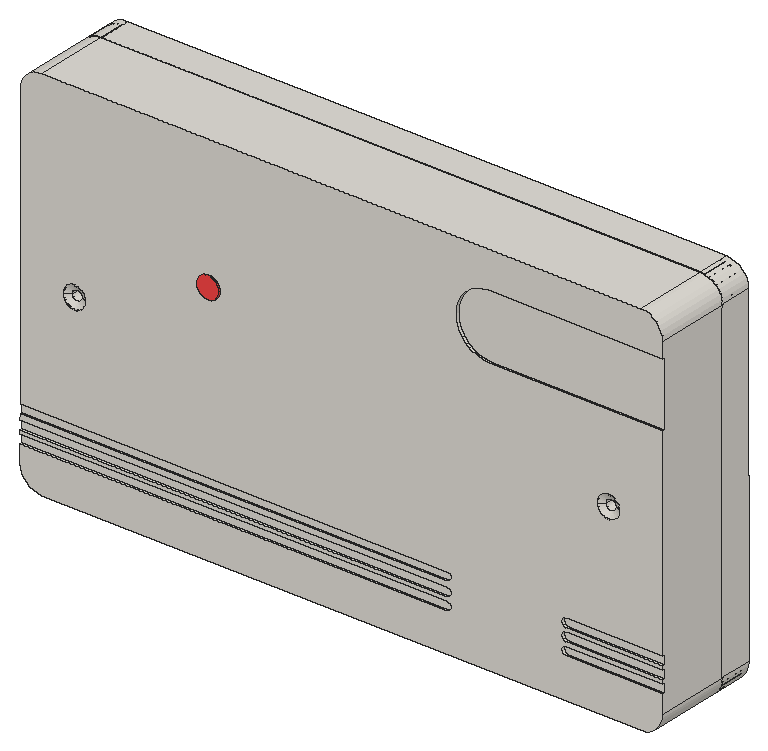
Revit family "TYCO-FPP-FireClass-FC410SIO SINGLE IO MODULE", category Electrical Fixtures, Revit 2014
Parameters (values of type "TYCO-FPP-FireClass-FC410SIO SINGLE IO MODULE")
  Wire Size = "Min 1.5mm2"
  Width = 85 mm  # constant formula
  Voltage = "2A @ 24V dc"
  URL = "https://fireclass.co.uk/en/emea/DocumentandMedia1/Data%20Sheets/80093%20Tyco%20Datasheet_addressable%20Loop%20Modules%20LR.pdf"
  Type Comments = "Single Input/Ouput Unit"
  Storage Temperature = "-40o to +80oC"
  Rear cover = yes
  PCB = PCB
  Operating Temperature = "-25o to +70oC"
  Operating Humidity = "Up to 95% non condensing"
  Model = "FireClass - 555.800.763"
  Manufacturer = "Tyco"
  Length = 65 mm  # constant formula
  Keynote = "The FC410SIO Single Input/Output Module is designed to provide\r\na monitored open collector input and a volt free relay changeover\r\noutput. FC410SIO can switch up to 2 A @ 24 Vdc."
  Front cover = yes
  EOL = "3k3"
  Description = "FC410SIO  SINGLE IO MODULE"
  Alarm resistor = "680Ω"
Reference planes
  plane 1 "Center (Front/Back)": y = 0
  plane 2: z = 0
  plane 3 "Center (Left/Right)": x = 0
  plane 4: z = -32.5
  plane 5: z = 32.5
  plane 6: x = -42.5
  plane 7: x = 42.5
Forms (mm)
  Extrusion 1, solid, material "PCB" <- "PCB", detail levels fine
    sketch origin (0, 0, 0) x (1, 0, 0) y (0, 0, 1)
      loop
        line (-42.5, 32.5) -> (-42.5, -32.5) -> (42.5, -32.5) -> (42.5, 32.5) -> (-42.5, 32.5)
      loop
        circle (22.367, 15.508) r 2.763
      loop
        circle (22.367, -15.508) r 2.763
      loop
        circle (-22.367, 15.508) r 2.763
      loop
        circle (-22.367, -15.508) r 2.763
      loop
        circle (38.77, 28.824) r 1.191
      loop
        circle (38.77, -28.824) r 1.191
      loop
        circle (-38.77, 14.969) r 1.191
      loop
        circle (-38.77, -28.824) r 1.191
    from 0 to -0.44
  Extrusion 2, solid, material "STT", detail levels fine
    sketch origin (-42.5, 0, 29.721) x (0, 0, 1) y (0, 1, 0)
      loop
        line (1.87, 0) -> (-7.694, 0) -> (-7.694, -1.923) -> (-5.216, -4.401) -> (-0.129, -4.401) -> (1.87, -1.546) -> (1.87, 0)
    from -16.201 to -37.325
  Extrusion 3, solid, material "ST", detail levels fine
    sketch origin (-42.5, -0.079, 22.028) x (-1, 0, 0) y (0, 1, 0)
      loop
        line (-16.694, -1.68) -> (-19.96, -1.68) -> (-19.96, -3.885) -> (-16.694, -3.885) -> (-16.694, -1.68)
      loop
        line (-22.286, -1.68) -> (-25.551, -1.68) -> (-25.551, -3.885) -> (-22.286, -3.885) -> (-22.286, -1.68)
      loop
        line (-27.744, -1.68) -> (-31.009, -1.68) -> (-31.009, -3.885) -> (-27.744, -3.885) -> (-27.744, -1.68)
      loop
        line (-33.335, -1.68) -> (-36.601, -1.68) -> (-36.601, -3.885) -> (-33.335, -3.885) -> (-33.335, -1.68)
    from -2.477 to -0.508
  Extrusion 4, solid, material "ST", detail levels fine
    sketch origin (-42.5, -4.307, 29.658) x (0, 0.819152, 0.573576) y (-1, 0, 0)
      loop
        circle (1.861, -18.018) r 1.302
      loop
        circle (1.861, -23.761) r 1.302
      loop
        circle (1.861, -29.154) r 1.302
      loop
        circle (1.861, -35.027) r 1.302
    from -0.394 to 0.404
  Extrusion 5, solid, material "STT", detail levels fine
    sketch origin (0, 0, 0) x (0, 1, 0) y (0, 0, 1)
      loop
        line (0, 31.591) -> (-1.546, 31.591) -> (-4.401, 29.592) -> (-4.401, 24.505) -> (-1.923, 22.028) -> (0, 22.028) -> (0, 31.591)
    from 5.187 to 31.11
  Extrusion 6, solid, material "ST", detail levels fine
    sketch origin (0, -0.079, 22.028) x (-1, 0, 0) y (0, 1, 0)
      loop
        line (-5.736, -3.959) -> (-5.736, -1.845) -> (-9.725, -1.845) -> (-9.725, -3.959) -> (-5.736, -3.959)
      loop
        line (-10.736, -3.959) -> (-10.736, -1.845) -> (-14.725, -1.845) -> (-14.725, -3.959) -> (-10.736, -3.959)
      loop
        line (-15.736, -3.959) -> (-15.736, -1.845) -> (-19.725, -1.845) -> (-19.725, -3.959) -> (-15.736, -3.959)
      loop
        line (-21.225, -3.959) -> (-21.225, -1.845) -> (-25.214, -1.845) -> (-25.214, -3.959) -> (-21.225, -3.959)
      loop
        line (-26.225, -3.959) -> (-26.225, -1.845) -> (-30.214, -1.845) -> (-30.214, -3.959) -> (-26.225, -3.959)
    from -0.508 to -2.477
  Extrusion 7, solid, material "ST", detail levels fine
    sketch origin (0, -4.307, 29.658) x (0, 0.819152, 0.573576) y (-1, 0, 0)
      loop
        circle (1.843, -7.363) r 1.329
      loop
        circle (1.843, -12.642) r 1.329
      loop
        circle (1.843, -17.475) r 1.329
      loop
        circle (1.843, -23.019) r 1.329
      loop
        circle (1.843, -28.019) r 1.329
    from -0.633 to 0.682
  Extrusion 8, solid, material "RS", detail levels fine
    sketch origin (0, 0, 0) x (1, 0, 0) y (0, 0, 1)
      loop
        line (31.11, -10.958) -> (41.323, -10.958) -> (41.323, 9.042) -> (31.11, 9.042) -> (31.11, -10.958)
    from 0 to 3.416
  Extrusion 9, solid, material "RSS", detail levels fine
    sketch origin (0, 0, 0) x (1, 0, 0) y (0, 0, 1)
      loop
        circle (37.542, -14.868) r 3
    from 0 to 9.022
  Extrusion 10, solid, detail levels fine
    sketch origin (0, -9.022, 0) x (1, 0, 0) y (0, 0, 1)
      loop
        circle (37.517, -14.913) r 1.751
    from -0.839 to 0.016
  Extrusion 11, solid, material "RSS", detail levels fine
    sketch origin (0, 0, 0) x (1, 0, 0) y (0, 0, 1)
      loop
        arc (-3.323, 19.552) -> (-3.677, 19.406) -> (-3.823, 19.052) r 0.5
        line (-3.823, 19.052) -> (-3.823, 14.143)
        arc (-3.823, 14.143) -> (-3.677, 13.79) -> (-3.323, 13.643) r 0.5
        line (-3.323, 13.643) -> (6.181, 13.643)
        arc (6.181, 13.643) -> (6.535, 13.79) -> (6.681, 14.143) r 0.5
        line (6.681, 14.143) -> (6.681, 19.052)
        arc (6.681, 19.052) -> (6.535, 19.406) -> (6.181, 19.552) r 0.5
        line (6.181, 19.552) -> (-3.323, 19.552)
    from 0 to 2.789
  Extrusion 12, solid, material "RSS", detail levels fine
    sketch origin (0, 0, 0) x (1, 0, 0) y (0, 0, 1)
      loop
        line (-3.311, 19.552) -> (6.069, 19.552) -> (6.069, 20.352)
        arc (6.069, 20.352) -> (5.453, 20.642) -> (4.837, 20.352) r 0.799
        line (4.837, 20.352) -> (4.031, 20.352)
        arc (4.031, 20.352) -> (3.416, 20.642) -> (2.8, 20.352) r 0.799
        line (2.8, 20.352) -> (1.994, 20.352)
        arc (1.994, 20.352) -> (1.379, 20.642) -> (0.763, 20.352) r 0.799
        line (0.763, 20.352) -> (-0.043, 20.352)
        arc (-0.043, 20.352) -> (-0.658, 20.642) -> (-1.274, 20.352) r 0.799
        line (-1.274, 20.352) -> (-2.08, 20.352)
        arc (-2.08, 20.352) -> (-2.696, 20.642) -> (-3.311, 20.352) r 0.799
        line (-3.311, 20.352) -> (-3.311, 19.552)
      loop
        line (-3.311, 13.643) -> (-3.311, 12.843)
        arc (-3.311, 12.843) -> (-2.696, 12.554) -> (-2.08, 12.843) r 0.799
        line (-2.08, 12.843) -> (-1.274, 12.843)
        arc (-1.274, 12.843) -> (-0.658, 12.554) -> (-0.043, 12.843) r 0.799
        line (-0.043, 12.843) -> (0.763, 12.843)
        arc (0.763, 12.843) -> (1.379, 12.554) -> (1.994, 12.843) r 0.799
        line (1.994, 12.843) -> (2.8, 12.843)
        arc (2.8, 12.843) -> (3.416, 12.554) -> (4.031, 12.843) r 0.799
        line (4.031, 12.843) -> (4.837, 12.843)
        arc (4.837, 12.843) -> (5.453, 12.554) -> (6.069, 12.843) r 0.799
        line (6.069, 12.843) -> (6.069, 13.643) -> (-3.311, 13.643)
    from 0 to 1.421
  Extrusion 13, solid, material "RED", detail levels fine
    sketch origin (0, 0, 0) x (1, 0, 0) y (0, 0, 1)
      loop
        circle (0, -20.503) r 1.426
    from 0 to 0.241
Cuts and joins
  joined: Extrusion 3, Extrusion 4, Extrusion 6, Extrusion 7
  joined: Extrusion 2, Extrusion 5
  joined: Extrusion 9, Extrusion 11
Lines and regions (mm)
  model lines, detail levels fine
    curve 1: line (32.075, 0, 24.143) -> (35.021, 0, 21.196)
    curve 2: line (35.021, 0, 21.196) -> (35.021, 0, 9.559)
    curve 3: line (32.493, 0, 24.573) -> (35.621, 0, 21.445)
    curve 4: line (35.621, 0, 21.445) -> (35.621, 0, 9.559)
    curve 5: line (17.183, 0, 19.719) -> (17.183, 0, 15.494)
    curve 6: line (17.183, 0, 15.494) -> (11.247, 0, 9.559)
    curve 7: line (11.247, 0, 9.559) -> (11.247, 0, -9.315)
    curve 8: line (11.247, 0, -9.315) -> (6.957, 0, -13.606)
    curve 9: line (6.957, 0, -13.606) -> (6.957, 0, -21.912)
    curve 10: line (16.583, 0, 19.719) -> (16.583, 0, 15.743)
    curve 11: line (16.583, 0, 15.743) -> (10.647, 0, 9.807)
    curve 12: line (10.647, 0, 9.807) -> (10.647, 0, -9.066)
    curve 13: line (10.647, 0, -9.066) -> (6.357, 0, -13.357)
    curve 14: line (6.357, 0, -13.357) -> (6.357, 0, -21.912)
    curve 15: line (12.78, 0, 16.417) -> (6.357, 0, 9.994)
    curve 16: line (6.357, 0, 9.994) -> (6.357, 0, -7.302)
    curve 17: line (6.357, 0, -7.302) -> (2.821, 0, -10.838)
    curve 18: line (2.821, 0, -10.838) -> (-4.842, 0, -10.838)
    curve 19: line (12.317, 0, 16.803) -> (5.757, 0, 10.243)
    curve 20: line (5.757, 0, 10.243) -> (5.757, 0, -7.054)
    curve 21: line (5.757, 0, -7.054) -> (2.573, 0, -10.238)
    curve 22: line (2.573, 0, -10.238) -> (-4.842, 0, -10.238)
    curve 23: line (8.888, 0, 2.063) -> (8.888, 0, -8.565)
    curve 24: line (8.888, 0, -8.565) -> (1.228, 0, -14.993)
    curve 25: line (1.228, 0, -14.993) -> (-11.555, 0, -14.993)
    curve 26: line (8.288, 0, 2.063) -> (8.288, 0, -8.285)
    curve 27: line (8.288, 0, -8.285) -> (1.01, 0, -14.393)
    curve 28: line (1.01, 0, -14.393) -> (-11.555, 0, -14.393)
    curve 29: line (-36.718, 0, 9.559) -> (-31.263, 0, 4.103)
    curve 30: line (-31.263, 0, 4.103) -> (-13.236, 0, 4.103)
    curve 31: line (-13.236, 0, 4.103) -> (-13.236, 0, -5.897)
    curve 32: line (-36.294, 0, 9.983) -> (-31.014, 0, 4.703)
    curve 33: line (-31.014, 0, 4.703) -> (-12.636, 0, 4.703)
    curve 34: line (-12.636, 0, 4.703) -> (-12.636, 0, -5.897)
    curve 35: line (-38.236, 0, 4.103) -> (-32.649, 0, -1.484)
    curve 36: line (-32.649, 0, -1.484) -> (-32.649, 0, -16.484)
    curve 37: line (-37.812, 0, 4.528) -> (-32.049, 0, -1.235)
    curve 38: line (-32.049, 0, -1.235) -> (-32.049, 0, -16.484)
    curve 39: line (-35.746, 0, -5.897) -> (-35.746, 0, -20.897)
    curve 40: line (-35.746, 0, -20.897) -> (-32.049, 0, -24.594)
    curve 41: line (-32.049, 0, -24.594) -> (-23.754, 0, -24.594)
    curve 42: line (-35.146, 0, -5.897) -> (-35.146, 0, -20.648)
    curve 43: line (-35.146, 0, -20.648) -> (-31.8, 0, -23.994)
    curve 44: line (-31.8, 0, -23.994) -> (-23.701, 0, -23.994)
    curve 45: circle (-36.744, 0, 10.159) r 0.781 normal (0, -1, 0)
    curve 46: circle (-38.385, 0, 4.832) r 0.877 normal (0, -1, 0)
    curve 47: circle (-12.898, 0, -6.876) r 0.885 normal (0, -1, 0)
    curve 48: circle (-35.462, 0, -5.542) r 0.787 normal (0, -1, 0)
    curve 49: circle (-22.916, 0, -24.246) r 0.824 normal (0, -1, 0)
    curve 50: circle (-32.36, 0, -17.092) r 0.824 normal (0, -1, 0)
    curve 51: circle (-12.549, 0, -14.64) r 0.862 normal (0, -1, 0)
    curve 52: circle (-5.489, 0, -10.531) r 0.915 normal (0, -1, 0)
    curve 53: line (6.061, 0, -23.589) -> (7.327, 0, -23.589)
    curve 54: line (6.061, 0, -21.912) -> (6.061, 0, -23.589)
    curve 55: line (7.327, 0, -21.912) -> (6.061, 0, -21.912)
    curve 56: line (7.327, 0, -23.589) -> (7.327, 0, -21.912)
    curve 57: line (8.288, 0, 3.426) -> (9.451, 0, 3.426)
    curve 58: line (8.288, 0, 2.063) -> (8.288, 0, 3.426)
    curve 59: line (9.451, 0, 2.063) -> (8.288, 0, 2.063)
    curve 60: line (9.451, 0, 3.426) -> (9.451, 0, 2.063)
    curve 61: line (16.583, 0, 20.763) -> (17.438, 0, 20.763)
    curve 62: line (16.583, 0, 19.719) -> (16.583, 0, 20.763)
    curve 63: line (17.438, 0, 19.719) -> (16.583, 0, 19.719)
    curve 64: line (17.438, 0, 20.763) -> (17.438, 0, 19.719)
    curve 65: line (12.317, 0, 16.417) -> (13.641, 0, 16.417)
    curve 66: line (12.317, 0, 17.546) -> (12.317, 0, 16.417)
    curve 67: line (13.641, 0, 17.546) -> (12.317, 0, 17.546)
    curve 68: line (13.641, 0, 16.417) -> (13.641, 0, 17.546)
    curve 69: line (32.493, 0, 24.143) -> (31.618, 0, 24.143)
    curve 70: line (32.493, 0, 26.421) -> (32.493, 0, 24.143)
    curve 71: line (31.618, 0, 26.421) -> (32.493, 0, 26.421)
    curve 72: line (31.618, 0, 24.143) -> (31.618, 0, 26.421)
    curve 73: line (34.678, 0, 9.042) -> (36.228, 0, 9.042)
    curve 74: line (34.678, 0, 9.933) -> (34.678, 0, 9.042)
    curve 75: line (36.228, 0, 9.933) -> (34.678, 0, 9.933)
    curve 76: line (36.228, 0, 9.042) -> (36.228, 0, 9.933)
  model lines, detail levels coarse+medium
    curve 77: line (-42.5, 0, 32.5) -> (42.5, 0, 32.5)
    curve 78: line (-42.5, 0, -32.5) -> (-42.5, 0, 32.5)
    curve 79: line (42.5, 0, -32.5) -> (-42.5, 0, -32.5)
    curve 80: line (42.5, 0, 32.5) -> (42.5, 0, -32.5)
Dimensions and locks
  equal spacing: plane 5, plane 2, plane 4
  "Length": plane 5 to plane 4
  equal spacing: plane 7, plane 3 "Center (Left/Right)", plane 6
  "Width": plane 7 to plane 6
  aligned and locked: level to plane 2
  aligned and locked: plane 5 to Extrusion 1 sketch curve
  aligned and locked: plane 6 to Extrusion 1 sketch curve
  aligned and locked: plane 4 to Extrusion 1 sketch curve
  aligned and locked: Extrusion 1 sketch curve to plane 7
  aligned and locked: Extrusion 8 to plane 1 "Center (Front/Back)"
  aligned and locked: Extrusion 9 to plane 1 "Center (Front/Back)"
  aligned and locked: Extrusion 11 to plane 1 "Center (Front/Back)"
  aligned and locked: plane 5 to curve 77
  aligned and locked: curve 80 to plane 7
  aligned and locked: plane 4 to curve 79
  aligned and locked: plane 6 to curve 78
  aligned and locked: plane 1 "Center (Front/Back)" to nested 1
  aligned and locked: plane 3 "Center (Left/Right)" to nested 1
  aligned and locked: plane 2 to nested 1
  aligned and locked: nested 2 to Extrusion 1
  aligned and locked: plane 3 "Center (Left/Right)" to nested 2
  aligned and locked: plane 2 to nested 2
Automatic sketch dimensions
  plane 6 to Extrusion 1 sketch curve = 3.73 mm  (x2)
  plane 6 to Extrusion 1 sketch curve = 20.133 mm  (x2)
  Extrusion 1 sketch curve to plane 7 = 20.133 mm  (x2)
  Extrusion 1 sketch curve to plane 7 = 3.73 mm  (x2)
  plane 4 to Extrusion 1 sketch curve = 3.676 mm  (x2)
  Extrusion 1 sketch curve to level = 15.508 mm  (x2)
  level to Extrusion 1 sketch curve = 15.508 mm  (x2)
  plane 5 to Extrusion 1 sketch curve = 3.676 mm
  plane 5 to Extrusion 1 sketch curve = 17.531 mm
  Extrusion 2 sketch curve to Extrusion 1 = 0 mm
  Extrusion 1 to Extrusion 2 sketch curve = 10.472 mm
  Extrusion 2 sketch curve to Extrusion 2 sketch curve = 2.477 mm  (x2)
  Extrusion 1 to Extrusion 2 sketch curve = 2.908 mm
  Extrusion 1 to Extrusion 2 sketch curve = 0.909 mm
  Extrusion 2 sketch curve to Extrusion 1 = 1.546 mm
  Extrusion 2 sketch curve to Extrusion 1 = 1.923 mm
  Extrusion 2 to Extrusion 3 sketch curve = 0.165 mm  (x4)
  Extrusion 3 sketch curve to Extrusion 2 = 0.724 mm
  Extrusion 3 sketch curve to Extrusion 3 sketch curve = 3.266 mm  (x3)
  Extrusion 3 sketch curve to Extrusion 3 sketch curve = 2.326 mm  (x2)
  Extrusion 3 sketch curve to Extrusion 3 sketch curve = 2.192 mm
  Extrusion 3 sketch curve to Extrusion 2 = 0.493 mm
  Extrusion 3 sketch curve to Extrusion 2 = 2.04 mm  (x4)
  Extrusion 4 sketch curve to Extrusion 2 = 1.51 mm  (x4)
  Extrusion 2 to Extrusion 4 sketch curve = 2.298 mm
  Extrusion 4 sketch curve to Extrusion 4 sketch curve = 5.873 mm
  Extrusion 4 sketch curve to Extrusion 4 sketch curve = 5.393 mm
  Extrusion 2 to Extrusion 4 sketch curve = 1.817 mm
  Extrusion 5 sketch curve to plane 1 "Center (Front/Back)" = 0 mm
  plane 1 "Center (Front/Back)" to Extrusion 5 sketch curve = 1.546 mm
  plane 1 "Center (Front/Back)" to Extrusion 5 sketch curve = 1.923 mm
  Extrusion 5 sketch curve to Extrusion 5 sketch curve = 2.477 mm  (x2)
  plane 5 to Extrusion 5 sketch curve = 10.472 mm
  plane 5 to Extrusion 5 sketch curve = 2.908 mm
  plane 5 to Extrusion 5 sketch curve = 0.909 mm
  Extrusion 5 to Extrusion 6 sketch curve = 0 mm  (x5)
  Extrusion 6 sketch curve to Extrusion 5 = 0.896 mm
  Extrusion 6 sketch curve to Extrusion 6 sketch curve = 3.989 mm  (x4)
  Extrusion 6 sketch curve to Extrusion 6 sketch curve = 1.011 mm  (x3)
  Extrusion 6 sketch curve to Extrusion 6 sketch curve = 1.499 mm
  Extrusion 6 sketch curve to Extrusion 5 = 0.549 mm
  Extrusion 6 sketch curve to Extrusion 6 sketch curve = 2.115 mm
  Extrusion 6 sketch curve to Extrusion 6 sketch curve = 0 mm  (x4)
  Extrusion 5 to Extrusion 7 sketch curve = 1.528 mm  (x5)
  Extrusion 5 to Extrusion 7 sketch curve = 3.091 mm
  Extrusion 7 sketch curve to Extrusion 7 sketch curve = 5 mm
  Extrusion 7 sketch curve to Extrusion 7 sketch curve = 5.544 mm
  Extrusion 7 sketch curve to Extrusion 7 sketch curve = 4.834 mm
  Extrusion 5 to Extrusion 7 sketch curve = 2.177 mm
  Extrusion 8 sketch curve to Extrusion 1 = 11.39 mm
  Extrusion 8 sketch curve to Extrusion 1 = 1.177 mm
  Extrusion 8 sketch curve to Extrusion 1 = 21.542 mm
  Extrusion 8 sketch curve to Extrusion 8 sketch curve = 20 mm
  Extrusion 9 sketch curve to Extrusion 1 = 4.958 mm
  Extrusion 9 sketch curve to Extrusion 1 = 17.632 mm
  Extrusion 11 sketch curve to plane 3 "Center (Left/Right)" = 3.823 mm
  Extrusion 11 sketch curve to Extrusion 11 sketch curve = 0.5 mm  (x3)
  plane 3 "Center (Left/Right)" to Extrusion 11 sketch curve = 6.181 mm
  Extrusion 11 sketch curve to Extrusion 11 sketch curve = 0 mm
  level to Extrusion 11 sketch curve = 13.643 mm
  Extrusion 11 sketch curve to Extrusion 11 sketch curve = 4.909 mm
  Extrusion 12 sketch curve to Extrusion 1 = 12.148 mm
  Extrusion 12 sketch curve to Extrusion 1 = 39.189 mm
  Extrusion 12 sketch curve to Extrusion 12 sketch curve = 0 mm  (x4)
  Extrusion 12 sketch curve to Extrusion 12 sketch curve = 0.616 mm  (x20)
  Extrusion 12 sketch curve to Extrusion 12 sketch curve = 0.805 mm  (x8)
  Extrusion 12 sketch curve to Extrusion 12 sketch curve = 0.509 mm  (x6)
  Extrusion 12 sketch curve to Extrusion 12 sketch curve = 0.291 mm  (x3)
  Extrusion 12 sketch curve to Extrusion 12 sketch curve = 5.909 mm
  Extrusion 13 sketch curve to Extrusion 1 = 11.997 mm
  Extrusion 13 sketch curve to Extrusion 1 = 42.5 mm
  plane 6 to curve 46 = 4.115 mm
  curve 46 to curve 45 = 1.64 mm
  plane 6 to curve 39 = 6.754 mm
  curve 39 to curve 48 = 0.284 mm
  curve 39 to curve 42 = 0.6 mm
  curve 35 to level = 1.484 mm
  curve 48 to curve 35 = 2.814 mm
  curve 36 to curve 50 = 0.288 mm
  curve 42 to curve 40 = 3.097 mm
  curve 35 to curve 38 = 0.6 mm
  curve 40 to curve 43 = 0.249 mm
  curve 37 to curve 30 = 0.786 mm
  curve 29 to curve 33 = 0.249 mm
  curve 43 to curve 49 = 8.884 mm
  level to curve 30 = 4.103 mm
  curve 30 to plane 3 "Center (Left/Right)" = 13.236 mm
  curve 31 to curve 47 = 0.337 mm
  curve 30 to curve 34 = 0.6 mm
  curve 47 to curve 51 = 0.349 mm
  curve 52 to plane 3 "Center (Left/Right)" = 5.489 mm
  plane 3 "Center (Left/Right)" to curve 27 = 1.01 mm
  curve 27 to curve 24 = 0.218 mm
  plane 3 "Center (Left/Right)" to curve 21 = 2.573 mm
  curve 21 to curve 18 = 0.249 mm
  plane 3 "Center (Left/Right)" to curve 19 = 5.757 mm
  plane 3 "Center (Left/Right)" to curve 55 = 6.061 mm
  curve 17 to curve 14 = 3.536 mm
  curve 20 to curve 16 = 0.6 mm
  curve 13 to curve 9 = 0.6 mm
  curve 9 to curve 55 = 0.37 mm
  curve 15 to curve 58 = 1.932 mm
  curve 26 to curve 23 = 0.6 mm
  curve 57 to curve 57 = 1.162 mm
  curve 23 to curve 12 = 1.759 mm
  curve 11 to curve 7 = 0.6 mm
  curve 11 to curve 67 = 1.669 mm
  curve 65 to curve 68 = 1.324 mm
  curve 65 to curve 10 = 2.942 mm
  curve 10 to curve 6 = 0.6 mm
  curve 5 to curve 64 = 0.255 mm
  curve 72 to plane 7 = 10.882 mm
  curve 71 to curve 70 = 0.875 mm
  curve 75 to plane 7 = 7.822 mm
  curve 69 to curve 2 = 2.528 mm
  curve 1 to curve 3 = 0.6 mm
  curve 4 to curve 76 = 0.606 mm
  curve 48 to curve 35 = 4.058 mm
  curve 47 to level = 6.876 mm
  curve 21 to level = 7.054 mm
  curve 16 to curve 20 = 0.249 mm
  curve 26 to curve 16 = 0.983 mm
  curve 24 to curve 26 = 0.28 mm
  curve 13 to curve 23 = 0.501 mm
  curve 8 to curve 12 = 0.249 mm
  curve 21 to curve 20 = 3.184 mm
  curve 52 to curve 22 = 0.293 mm
  curve 18 to curve 21 = 0.6 mm
  curve 14 to curve 17 = 2.519 mm
  curve 9 to curve 13 = 0.249 mm
  curve 27 to curve 17 = 3.555 mm
  curve 51 to curve 28 = 0.247 mm
  curve 24 to curve 27 = 0.6 mm
  curve 50 to curve 48 = 11.551 mm
  curve 43 to curve 50 = 3.556 mm
  curve 39 to curve 42 = 0.249 mm
  curve 55 to curve 8 = 8.306 mm
  curve 53 to curve 55 = 1.677 mm
  curve 44 to curve 42 = 3.346 mm
  curve 49 to curve 44 = 0.252 mm
  curve 40 to curve 43 = 0.6 mm
  curve 35 to curve 38 = 0.249 mm
  level to curve 59 = 2.063 mm
  curve 26 to curve 58 = 1.363 mm
  curve 30 to curve 33 = 0.6 mm
  level to curve 46 = 4.832 mm
  level to curve 76 = 9.042 mm
  curve 57 to curve 7 = 6.133 mm
  curve 6 to curve 12 = 0.249 mm
  curve 73 to curve 74 = 0.891 mm
  curve 11 to curve 16 = 0.187 mm
  curve 46 to curve 45 = 5.327 mm
  curve 15 to curve 19 = 0.249 mm
  curve 6 to curve 6 = 5.936 mm
  curve 5 to curve 10 = 0.249 mm
  curve 10 to curve 68 = 0.675 mm
  curve 65 to curve 67 = 1.129 mm
  curve 10 to curve 63 = 3.976 mm
  curve 10 to curve 61 = 1.044 mm
  curve 74 to curve 1 = 11.263 mm
  curve 1 to curve 3 = 0.249 mm
  curve 1 to curve 72 = 2.947 mm
  curve 69 to curve 70 = 2.278 mm
  curve 46 to curve 35 = 0.149 mm
  curve 35 to curve 37 = 0.424 mm  (x2)
  curve 45 to curve 29 = 0.026 mm
  curve 45 to curve 32 = 0.45 mm
  curve 41 to curve 49 = 0.838 mm
  curve 41 to curve 44 = 0.053 mm
  curve 51 to curve 28 = 0.994 mm
  curve 28 to curve 25 = 0 mm
  curve 52 to curve 18 = 0.647 mm
  curve 22 to curve 18 = 0 mm
  curve 65 to curve 15 = 0.463 mm
  curve 1 to curve 69 = 0.418 mm
  curve 47 to curve 34 = 0.979 mm
  curve 31 to curve 34 = 0 mm
  curve 39 to curve 48 = 0.355 mm
  curve 42 to curve 48 = 0.355 mm
  curve 50 to curve 36 = 0.608 mm
  curve 38 to curve 36 = 0 mm
  curve 35 to curve 46 = 0.729 mm
  curve 2 to curve 74 = 0.374 mm
  curve 29 to curve 45 = 0.601 mm
  curve 4 to curve 2 = 0 mm
  curve 32 to curve 45 = 0.176 mm
  curve 65 to curve 19 = 0.385 mm
  curve 69 to curve 3 = 0.43 mm
  radius of Extrusion 1 sketch curve = 2.763 mm  (x4)
  radius of Extrusion 1 sketch curve = 1.191 mm  (x4)
  radius of Extrusion 4 sketch curve = 1.302 mm  (x4)
  radius of Extrusion 7 sketch curve = 1.329 mm  (x5)
  radius of Extrusion 9 sketch curve = 3 mm
  radius of Extrusion 10 sketch curve = 1.751 mm
  radius of Extrusion 13 sketch curve = 1.426 mm
  radius of curve 45 = 0.781 mm
  radius of curve 46 = 0.877 mm
  radius of curve 47 = 0.885 mm
  radius of curve 48 = 0.787 mm
  radius of curve 50 = 0.824 mm
  radius of curve 51 = 0.862 mm
  radius of curve 52 = 0.915 mm
Nested families
  nested 1: "517.035.007" at (0, 0, 0), visible <- "Front cover", type "517.035.007 cover", detail levels fine
    with Front Cover yes
  nested 2: "517.035.010 rear cover" at (0, -5.925, -7.5), visible <- "Rear cover", type "517.035.010 back box", detail levels fine
    with Rear cover yes
Connectors
  electrical at (0, 0.44, 0)
    settings: on Extrusion 1, index 1, voltage 24 V, apparent load 0 VA, apparent load phase1 0 VA, apparent load phase2 0 VA, apparent load phase3 0 VA, power factor 1, load classification "Other", number of poles 1, system type 31, power factor state 1, is connector primary yes, connector utility no, sub classification motor no, connector description ""
Definition of nested family "517.035.007"
  Parameters (values of type "517.035.007 cover")
    X = 2 mm
    W = 148 mm
    Type Comments = "M520 Ancillary cover for use with 800 series modules.\r\nWill fit onto a MK style double gang back box."
    Model = "517.035.007"
    Material = Cover
    Manufacturer = "Tyco"
    L = 87 mm
    Front Cover [instance] = yes
    Description = "M520 Ancillary Cover"
    D = 23 mm
  Reference planes
    plane 1 "Center (Front/Back)": y = 0
    plane 2: z = 0
    plane 3 "Center (Left/Right)": x = 0
    plane 4: x = -74
    plane 5: x = 74
    plane 6: x = 61.5
    plane 7: z = 43.5
    plane 8: z = -43.5
    plane 9: y = -23
  Forms (mm)
    Extrusion 1, solid, material "Cover" <- "Material", visible <- "Front Cover", detail levels fine
      sketch origin (0, -23.027, 0) x (1, 0, 0) y (0, 0, 1)
        loop
          arc (-69, 43.5) -> (-72.536, 42.036) -> (-74, 38.5) r 5
          line (-74, 38.5) -> (-74, -38.5)
          arc (-74, -38.5) -> (-72.536, -42.036) -> (-69, -43.5) r 5
          line (-69, -43.5) -> (69, -43.5)
          arc (69, -43.5) -> (72.536, -42.036) -> (74, -38.5) r 5
          line (74, -38.5) -> (74, 38.5)
          arc (74, 38.5) -> (72.536, 42.036) -> (69, 43.5) r 5
          line (69, 43.5) -> (-69, 43.5)
      from -23 to 0
    Extrusion 2, void
      sketch origin (0, -23.027, 0) x (-1, 0, 0) y (0, 0, 1)
        loop
          line (74, -26.396) -> (-24.324, -26.396)
          arc (-24.324, -26.396) -> (-25.324, -27.396) -> (-24.324, -28.396) r 1
          line (-24.324, -28.396) -> (74, -28.396) -> (74, -26.396)
        loop
          line (74, -29.671) -> (-24.324, -29.671)
          arc (-24.324, -29.671) -> (-25.324, -30.671) -> (-24.324, -31.671) r 1
          line (-24.324, -31.671) -> (74, -31.671) -> (74, -29.671)
        loop
          line (74, -32.583) -> (-24.324, -32.583)
          arc (-24.324, -32.583) -> (-25.324, -33.583) -> (-24.324, -34.583) r 1
          line (-24.324, -34.583) -> (74, -34.583) -> (74, -32.583)
        loop
          line (-51.834, -26.396) -> (-74, -26.396) -> (-74, -28.396) -> (-51.834, -28.396)
          arc (-51.834, -28.396) -> (-50.834, -27.396) -> (-51.834, -26.396) r 1
        loop
          line (-51.834, -29.305) -> (-74, -29.305) -> (-74, -31.305) -> (-51.834, -31.305)
          arc (-51.834, -31.305) -> (-50.834, -30.305) -> (-51.834, -29.305) r 1
        loop
          line (-51.834, -32.254) -> (-74, -32.254) -> (-74, -34.254) -> (-51.834, -34.254)
          arc (-51.834, -34.254) -> (-50.834, -33.254) -> (-51.834, -32.254) r 1
        loop
          line (-74, 34.995) -> (-74, 19.995) -> (-34, 19.995)
          arc (-34, 19.995) -> (-26.5, 27.495) -> (-34, 34.995) r 7.5
          line (-34, 34.995) -> (-74, 34.995)
      from 0 to 0.563
    Revolve 3, void
      sketch origin (0, -23.027, 0) x (0, -1, 0) y (1, 0, 0)
        loop
          line (-3.575, 61.5) -> (0, 61.5) -> (0, 64.045) -> (-0.836, 62.678) -> (-3.575, 62.678) -> (-3.575, 61.5)
        axis (-3.575, 61.5) -> (0, 61.5)
      angle from 0 to 360
    Extrusion 4, solid, material "LED RED", detail levels fine
      sketch origin (0, -23.027, 0) x (1, 0, 0) y (0, 0, 1)
        loop
          circle (-30.624, 12.978) r 2.558
      from -1.293 to 0.174
    Extrusion 5, void
      sketch origin (-94.576, -0.027, -4572) x (1, 0, 0) y (0, 0, -1)
        loop
          line (26.703, -4612.567) -> (162.316, -4612.567)
          arc (162.316, -4612.567) -> (164.664, -4611.594) -> (165.637, -4609.246) r 3.321
          line (165.637, -4609.246) -> (165.637, -4534.612)
          arc (165.637, -4534.612) -> (164.589, -4532.082) -> (162.058, -4531.033) r 3.578
          line (162.058, -4531.033) -> (27.05, -4531.033)
          arc (27.05, -4531.033) -> (24.499, -4532.09) -> (23.442, -4534.641) r 3.608
          line (23.442, -4534.641) -> (23.442, -4609.306)
          arc (23.442, -4609.306) -> (24.397, -4611.612) -> (26.703, -4612.567) r 3.261
      from 0 to -19.425
    Revolve 6, void
      sketch origin (0, -23.027, 0) x (0, 1, 0) y (-1, 0, 0)
        loop
          line (3.575, 61.5) -> (3.575, 62.678) -> (0.836, 62.678) -> (0, 64.045) -> (0, 61.5) -> (3.575, 61.5)
        axis (3.575, 61.5) -> (0, 61.5)
      angle from 0 to 360
  Cuts and joins
    Extrusion 2, Revolve 3, Extrusion 5, Revolve 6 cuts Extrusion 1
  Dimensions and locks
    equal spacing: plane 4, plane 3 "Center (Left/Right)", plane 5
    "W": plane 4 to plane 5
    locked: plane 5 to plane 6 at 12.5
    equal spacing: plane 7, level, plane 8
    "L": plane 7 to plane 8
    "D": plane 9 to plane 1 "Center (Front/Back)"
    aligned and locked: plane 2 to level
    aligned and locked: Extrusion 1 to Extrusion 5
    aligned and locked: Extrusion 1 sketch curve to plane 7
    aligned and locked: plane 4 to Extrusion 1 sketch curve
    aligned and locked: Extrusion 1 sketch curve to plane 8
    aligned and locked: Extrusion 1 to Extrusion 2
  Automatic sketch dimensions
    plane 5 to Extrusion 1 sketch curve = 0 mm
    plane 4 to Extrusion 1 sketch curve = 5 mm  (x2)
    plane 5 to Extrusion 1 sketch curve = 5 mm
    Extrusion 1 sketch curve to Extrusion 1 sketch curve = 5 mm
    plane 5 to Extrusion 2 sketch curve = 0 mm  (x4)
    Extrusion 2 sketch curve to plane 4 = 0 mm  (x3)
    Extrusion 2 sketch curve to plane 6 = 9.666 mm
    Extrusion 2 sketch curve to Extrusion 2 sketch curve = 0 mm  (x4)
    Extrusion 2 sketch curve to plane 6 = 27.5 mm
    Extrusion 2 sketch curve to plane 8 = 9.917 mm
    plane 3 "Center (Left/Right)" to Extrusion 2 sketch curve = 24.324 mm
    Extrusion 2 sketch curve to plane 8 = 9.246 mm
    Extrusion 2 sketch curve to plane 8 = 8.917 mm
    Extrusion 2 sketch curve to Extrusion 2 sketch curve = 1 mm  (x5)
    Extrusion 2 sketch curve to Extrusion 2 sketch curve = 0.912 mm
    Extrusion 2 sketch curve to Extrusion 2 sketch curve = 0.95 mm
    Extrusion 2 sketch curve to Extrusion 2 sketch curve = 0.908 mm
    Extrusion 2 sketch curve to Extrusion 2 sketch curve = 1.275 mm
    level to Extrusion 2 sketch curve = 19.995 mm
    Extrusion 2 sketch curve to Extrusion 2 sketch curve = 7.5 mm
    Revolve 3 sketch curve to plane 6 = 0 mm  (x2)
    plane 1 "Center (Front/Back)" to Revolve 3 sketch curve = 19.452 mm
    plane 6 to Revolve 3 sketch curve = 1.178 mm
    Revolve 3 sketch curve to Revolve 3 sketch curve = 2.739 mm
    plane 6 to Revolve 3 sketch curve = 2.545 mm
    Revolve 3 sketch curve to Revolve 3 sketch curve = 0.836 mm
    Revolve 3 sketch curve to Revolve 3 sketch curve = 0.558 mm
    Revolve 3 sketch curve to Revolve 3 sketch curve = 1.62 mm
    Extrusion 4 sketch curve to Extrusion 1 = 43.376 mm
    Extrusion 4 sketch curve to Extrusion 1 = 30.522 mm
    plane 4 to Extrusion 5 sketch curve = 2.867 mm
    Extrusion 5 sketch curve to plane 7 = 2.933 mm
    Extrusion 5 sketch curve to Extrusion 5 sketch curve = 3.261 mm
    Extrusion 5 sketch curve to plane 8 = 2.533 mm
    Extrusion 5 sketch curve to Extrusion 5 sketch curve = 3.608 mm
    plane 6 to Extrusion 5 sketch curve = 5.983 mm
    plane 6 to Extrusion 5 sketch curve = 6.24 mm
    plane 5 to Extrusion 5 sketch curve = 2.939 mm
    plane 1 "Center (Front/Back)" to Revolve 6 sketch curve = 23.027 mm
    Revolve 6 sketch curve to Revolve 6 sketch curve = 0.836 mm
    Revolve 6 sketch curve to Revolve 6 sketch curve = 2.739 mm
    plane 4 to Revolve 6 sketch curve = 12.5 mm
    Revolve 6 sketch curve to Revolve 6 sketch curve = 1.178 mm
    Revolve 6 sketch curve to Revolve 6 sketch curve = 1.367 mm
    Revolve 6 sketch curve to Revolve 6 sketch curve = 1.62 mm
    Revolve 6 sketch curve to Revolve 6 sketch curve = 0.558 mm
    Revolve 6 sketch curve to Revolve 6 sketch curve = 0 mm
    radius of Extrusion 4 sketch curve = 2.558 mm
Definition of nested family "517.035.010 rear cover"
  Parameters (values of type "517.035.010 back box")
    W = 148 mm
    URL = "http://tfppemea.com/en/_layouts/fsassets/Docs/Detection_FireClass/UK%20FireClass%20CATALOGUE%20(LR).pdf"
    Type Comments = "K2142 White plastic surface mount MK backbox for use\r\nwith 800 Series addressable ancillaries using 517.035.007\r\ncover."
    Rear cover [instance] = yes
    Model = "517.035.010\r\n517.035.010"
    Manufacturer = "Tyco"
    L = 87 mm
    Finish = rear cover
    Description = "K2142 White Plastic Surface Mount MK\r\nbackbox"
  Reference planes
    plane 1 "Center (Front/Back)": y = 0
    plane 2: z = 0
    plane 3 "Center (Left/Right)": x = 0
    plane 4: x = -74
    plane 5: x = 74
    plane 6: z = 7.5
  Forms (mm)
    Extrusion 1, solid, material "rear cover" <- "Finish", visible <- "Rear cover", detail levels fine
      sketch origin (0, 7.5, 7.5) x (1, 0, 0) y (0, 0, 1)
        loop
          arc (-69, 43.5) -> (-72.536, 42.036) -> (-74, 38.5) r 5
          line (-74, 38.5) -> (-74, -38.5)
          arc (-74, -38.5) -> (-72.536, -42.036) -> (-69, -43.5) r 5
          line (-69, -43.5) -> (69, -43.5)
          arc (69, -43.5) -> (72.536, -42.036) -> (74, -38.5) r 5
          line (74, -38.5) -> (74, 38.5)
          arc (74, 38.5) -> (72.536, 42.036) -> (69, 43.5) r 5
          line (69, 43.5) -> (-69, 43.5)
      from 0 to 7.5
    Extrusion 2, void
      sketch origin (0, 0, 0) x (-1, 0, 0) y (0, 0, 1)
        loop
          line (71.151, 48.985) -> (-71.802, 48.985) -> (-71.802, -33.613) -> (71.151, -33.613) -> (71.151, 48.985)
        loop
          circle (-61, 7.5) r 1.229
        loop
          circle (-61, 7.5) r 2.2
        loop
          circle (61, 7.5) r 1.229
        loop
          circle (61, 7.5) r 2.2
      from 0 to 6.364
  Cuts and joins
    Extrusion 2 cuts Extrusion 1
  Dimensions and locks
    equal spacing: plane 4, plane 3 "Center (Left/Right)", plane 5
    "W": plane 4 to plane 5
    plane 6 to plane 2 = 7.5 mm
    aligned and locked: plane 2 to level
    aligned and locked: Extrusion 1 sketch curve to plane 4
    aligned and locked: Extrusion 1 sketch curve to plane 5
  Automatic sketch dimensions
    Extrusion 1 sketch curve to plane 4 = 5 mm
    Extrusion 1 sketch curve to Extrusion 1 sketch curve = 5 mm
    Extrusion 1 sketch curve to plane 5 = 5 mm  (x2)
    Extrusion 1 sketch curve to level = 36 mm
    plane 6 to Extrusion 1 sketch curve = 38.5 mm
    Extrusion 2 sketch curve to Extrusion 2 sketch curve = 0 mm  (x4)
    Extrusion 2 sketch curve to plane 6 = 0 mm  (x2)
    Extrusion 2 sketch curve to plane 5 = 2.198 mm
    Extrusion 2 sketch curve to plane 5 = 13 mm
    Extrusion 2 sketch curve to plane 4 = 13 mm
    Extrusion 2 sketch curve to plane 4 = 2.849 mm
    Extrusion 2 sketch curve to level = 33.613 mm
    plane 6 to Extrusion 2 sketch curve = 41.485 mm
    radius of Extrusion 2 sketch curve = 1.229 mm  (x2)
    radius of Extrusion 2 sketch curve = 2.2 mm  (x2)
